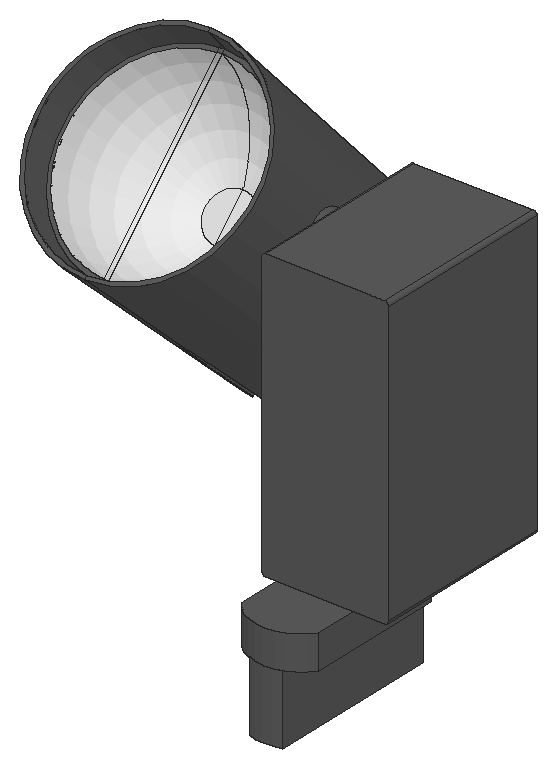
Revit family "0004883 Feilo Sylvania Lighting Fixture START TRACK SPOT S 14W 3K RA90 NB BLACK", category Lighting Fixtures, host Face, Revit 2017 (continued)
Definition of nested family "Start Track Spot Head"
  Types (96, lengths in mm): name | Wattage | built-in parameter 1150134 | Photometric Web File | Model | built-in parameter 1150105 | Lumens | built-in parameter 1150107 | built-in parameter 1150106 | HeadThickness_FEILO | HeadRibOffset_FEILO | HeadRibDepth_FEILO | HeadRibCutWidth_FEILO | HeadRibCutOffset_FEILO | HeadReflectorRadius_FEILO | HeadReflectorOffset_FEILO | HeadLEDRadius_FEILO | HeadHeight_FEILO | HeadDiffusorOffset_FEILO | HeadDiaOut_FEILO | HeadDiaIn_FEILO | HeadAxisFromTop_FEILO | Emit from Circle Diameter | built-in parameter 1150104 | Description | Apparent Load
    0004812 START TRACK SPOT S 14W 3K RA80 MB WHITE | 14 W | (empty or 0) | "0004812.ies" | "START TRACK SPOT S 14W 3K RA80 MB WHITE" | 120.32 (stored number, unit not read) | 1512 lm | 3000 (stored number, unit not read) | 1.2032 (stored number, unit not read) | 1.5 | 4.179 | 55.714 | 7.167 | 50.87 | 50.588 | 55.714 | 9.556 | 117 | 9.435 | 86 | 77.477 | 69.354 | 77.477 | 10.034 (stored number, unit not read) | "Integrated LED spotlight, Textured White - RAL9016, compact and minimalist design, ideal for retail applications, die-cast aluminium body, passive cooling heatsink. Beam angle: 36°, color temperature: 3000K , total system power: 14W, total fixture output: 1508 lm, LOR: 100%, colour rendering: Ra: 80 typical, LED Chromaticity: 3 step MacAdam ellipse, lifetime: >50000 hours at L70B50, energy class: A++, A+, A, IR/UV free light source without heat radiation, operating voltage: 220-240V / 50-60Hz, drive current: 350mA, electronic driver, non-dimmable, power factor: 0.92, electrical protection: Class II, Global Track 3 Phase adapter suitable for Global trac 3-circuit tracks, ingress protection rating: IP20, suitable for internal environment only, horizontal rotation: 355°, vertical tilt: 90°, dimensions: Ø86x140x200, weight: 0.940kg." | 14 VA
    0004811 START TRACK SPOT S 14W 3K RA80 NB WHITE | 14 W | (empty or 0) | "0004811.ies" | "START TRACK SPOT S 14W 3K RA80 NB WHITE" | 123.66 (stored number, unit not read) | 1554 lm | 3000 (stored number, unit not read) | 1.2366 (stored number, unit not read) | 1.5 | 4.179 | 55.714 | 7.167 | 50.87 | 50.588 | 55.714 | 9.556 | 117 | 9.435 | 86 | 77.477 | 69.354 | 77.477 | 10.312 (stored number, unit not read) | "Integrated LED spotlight, Textured White - RAL9016, compact and minimalist design, ideal for retail applications, die-cast aluminium body, passive cooling heatsink. Beam angle: 12°, color temperature: 3000K , total system power: 14W, total fixture output: 1551 lm, LOR: 100%, colour rendering: Ra: 80 typical, LED Chromaticity: 3 step MacAdam ellipse, lifetime: >50000 hours at L70B50, energy class: A++, A+, A, IR/UV free light source without heat radiation, operating voltage: 220-240V / 50-60Hz, drive current: 350mA, electronic driver, non-dimmable, power factor: 0.92, electrical protection: Class II, Global Track 3 Phase adapter suitable for Global trac 3-circuit tracks, ingress protection rating: IP20, suitable for internal environment only, horizontal rotation: 355°, vertical tilt: 90°, dimensions: Ø86x140x200, weight: 0.940kg." | 14 VA
  Reference planes
    plane 1 "Center (Front/Back)": y = 0
    plane 2: z = 0
    plane 3 "Center (Left/Right)": x = 0
    plane 4: x = 43
    plane 5: x = -43
    plane 6: x = -38.739
    plane 7: x = 38.739
    plane 8: z = 69.354
    plane 9: z = -47.646
    plane 10: x = -41.5
    plane 11: x = -37.239
    plane 12: z = -38.211
    plane 13: z = -35.211
    plane 14: z = 8.068
    plane 15: x = -9.556
    plane 16: x = -28.667
    plane 17: x = -19.111
    plane 18: x = -27.167
    plane 19: x = -17.611
    plane 20: x = -8.056
    plane 21: z = 13.64
    plane 22: x = -29.667
    plane 23: x = -26.167
    plane 24: x = -20.111
    plane 25: x = -16.611
    plane 26: x = -10.556
    plane 27: x = -7.056
    plane 28: x = -36.239
    plane 29: x = -40.5
    plane 30: z = 65.175
    plane 31: z = 60.997
    plane 32: z = 56.818
    plane 33: z = 18.484
    plane 34: y = -43
    plane 35: y = 43
    plane 36: y = 3.583
    plane 37: y = -3.583
    plane 38: y = -2.583
    plane 39: y = 2.583
    plane 40: y = 46
    plane 41: z = 13.5
    plane 42: z = -13.5
    plane 43: y = 39
    plane 44: x = 4.708
    plane 45: x = -2.458
    plane 46: x = -1.458
    plane 47: x = 1.458
  Forms (mm)
    Extrusion 1, solid
      sketch origin (4.2, 0, 0) x (1, 0, 0) y (0, 1, 0)
        loop
          line (-1219.2, 1219.2) -> (-1219.2, -1219.2) -> (1219.2, -1219.2) -> (1219.2, 1219.2) -> (-1219.2, 1219.2)
      from 0 to -68.017
    Revolve 2, solid, material <- "Material_1_FEILO", detail levels medium+fine
      sketch origin (0, 0, 0) x (1, 0, 0) y (0, 0, 1)
        loop
          line (-43, -47.646) -> (-41.5, -47.646) -> (-40.5, -35.211) -> (-38.739, -35.211)
          arc (-38.739, -35.211) -> (-30.16, -9.517) -> (-9.556, 8.068) r 50.588
          line (-9.556, 8.068) -> (0, 8.068) -> (0, 13.64) -> (-16.611, 13.64) -> (-17.611, 60.997) -> (-19.111, 60.997) -> (-20.111, 13.64) -> (-36.239, 13.64) -> (-37.239, 69.354) -> (-38.739, 69.354) -> (-43, -47.646)
        axis (0, 69.354) -> (0, -47.646)
      angle from 360 to 0
    Extrusion 3, void
      sketch origin (0, 0, 0) x (0, 1, 0) y (0, 0, 1)
        loop
          line (-3.583, 69.354) -> (-2.583, 18.484) -> (1.932, 18.484) -> (2.932, 69.354) -> (-3.583, 69.354)
      from 43 to -43
    Revolve 4, solid, material <- "Material_2_FEILO", detail levels medium+fine
      sketch origin (0, 0, 0) x (1, 0, 0) y (0, 0, 1)
        loop
          line (-41.5, -38.211) -> (0, -38.211) -> (0, -35.211) -> (-41.5, -35.211) -> (-41.5, -38.211)
        axis (0, -35.211) -> (0, -38.211)
      angle from 360 to 0
    Revolve 5, solid, material <- "Material_1_FEILO"
      sketch origin (0, 0, 0) x (0, 1, 0) y (0, 0, 1)
        loop
          line (46, 0) -> (39, 0) -> (39, -13.5) -> (46, -13.5) -> (46, 0)
        axis (39, 0) -> (46, 0)
      angle from 360 to 0
    Revolve 6, solid, material <- "Material_1_FEILO", detail levels medium+fine
      sketch origin (0, 0, 0) x (1, 0, 0) y (0, 0, 1)
        loop
          line (-29.667, 13.64) -> (-26.167, 13.64) -> (-27.167, 65.175) -> (-28.667, 65.175) -> (-29.667, 13.64)
        loop
          line (-10.556, 13.64) -> (-7.056, 13.64) -> (-7.833, 56.818) -> (-9.778, 56.818) -> (-10.556, 13.64)
        axis (0, 65.175) -> (0, 13.64)
      angle from 360 to 0
    Extrusion 7, void
      sketch origin (0, 0, 0) x (1, 0, 0) y (0, 0, 1)
        loop
          line (4.708, 69.354) -> (-2.458, 69.354) -> (-1.458, 13.64) -> (1.458, 13.64) -> (4.708, 69.354)
      from -43 to 43
    Revolve 8, solid, material <- "Material_1_FEILO", detail levels coarse
      sketch origin (0, 0, 0) x (1, 0, 0) y (0, 0, 1)
        loop
          line (0, 69.354) -> (-38.739, 69.354) -> (-43, -47.646) -> (-41.5, -47.646) -> (-40.731, -38.211) -> (0, -38.211) -> (0, 69.354)
        axis (0, 69.354) -> (0, -47.646)
      angle from 360 to 0
  Cuts and joins
    Extrusion 3 cuts Revolve 2
    Extrusion 7 cuts Revolve 6
  Dimensions and locks
    equal spacing: plane 7, plane 3 "Center (Left/Right)", plane 6
    equal spacing: plane 4, plane 3 "Center (Left/Right)", plane 5
    "HeadDiaOut_FEILO": plane 4 to plane 5
    "HeadDiaIn_FEILO": plane 7 to plane 6
    "HeadHeight_FEILO": plane 8 to plane 9
    "HeadThickness_FEILO": plane 10 to plane 5
    "HeadThickness_FEILO": plane 11 to plane 6
    "HeadDiffusorOffset_FEILO": plane 12 to plane 9
    "HeadDiffusorThickness_FEILO": plane 13 to plane 12
    "HeadReflectorOffset_FEILO": plane 14 to plane 9
    "HeadLEDRadius_FEILO": plane 3 "Center (Left/Right)" to plane 15
    "HeadLEDRadius_FEILO": plane 15 to plane 17
    "HeadLEDRadius_FEILO": plane 17 to plane 16
    "HeadThickness_FEILO": plane 18 to plane 16
    "HeadThickness_FEILO": plane 19 to plane 17
    "HeadThickness_FEILO": plane 20 to plane 15
    "HeadRibDepth_FEILO": plane 8 to plane 21
    "HeadDraft_FEILO": plane 16 to plane 22
    "HeadDraft_FEILO": plane 23 to plane 18
    "HeadDraft_FEILO": plane 17 to plane 24
    "HeadDraft_FEILO": plane 25 to plane 19
    "HeadDraft_FEILO": plane 15 to plane 26
    "HeadDraft_FEILO": plane 27 to plane 20
    "HeadDraft_FEILO": plane 29 to plane 10
    "HeadDraft_FEILO": plane 28 to plane 11
    "HeadRibOffset_FEILO": plane 8 to plane 30
    "HeadRibOffset_FEILO": plane 30 to plane 31
    "HeadRibOffset_FEILO": plane 31 to plane 32
    "HeadAxisFromTop_FEILO": plane 8 to plane 2
    "HeadRibCutOffset_FEILO": plane 8 to plane 33
    equal spacing: plane 34, plane 1 "Center (Front/Back)", plane 35
    "HeadDiaOut_FEILO": plane 34 to plane 35
    equal spacing: plane 38, plane 1 "Center (Front/Back)", plane 39
    equal spacing: plane 37, plane 1 "Center (Front/Back)", plane 36
    "HeadRibCutWidth_FEILO": plane 37 to plane 36
    "HeadDraft_FEILO": plane 37 to plane 38
    locked: plane 35 to plane 40 at 3
    equal spacing: plane 41, plane 2, plane 42
    locked: plane 42 to plane 41 at 27
    locked: plane 43 to plane 35 at 4
    equal spacing: plane 45, imposter light, plane 44
    "HeadDraft_FEILO": plane 46 to plane 45
    "HeadRibCutWidth_FEILO": plane 44 to plane 45
    equal spacing: plane 47, plane 3 "Center (Left/Right)", plane 46
    "HeadReflectorRadius_FEILO": radius of Revolve 2 sketch curve
    aligned and locked: plane 2 to Extrusion 1
    aligned and locked: level to Extrusion 1
    aligned and locked: Revolve 2 sketch curve to plane 3 "Center (Left/Right)"  (x2)
    aligned and locked: plane 9 to Revolve 2 sketch curve  (x2)
    aligned and locked: plane 5 to Revolve 2 sketch curve
    aligned and locked: plane 10 to Revolve 2 sketch curve
    aligned and locked: plane 14 to Revolve 2 sketch curve
    aligned and locked: plane 8 to Revolve 2 sketch curve
    aligned and locked: Revolve 2 sketch curve to plane 13
    aligned and locked: plane 12 to Revolve 4 sketch curve
    aligned and locked: plane 3 "Center (Left/Right)" to Revolve 4 sketch curve
    aligned and locked: Revolve 4 sketch curve to plane 10
    aligned and locked: Revolve 4 sketch curve to plane 3 "Center (Left/Right)"
    aligned and locked: plane 12 to imposter light
    aligned and locked: imposter light to plane 1 "Center (Front/Back)"
    aligned and locked: Revolve 5 sketch curve to plane 2
    aligned and locked: plane 43 to Revolve 5 sketch curve
    aligned and locked: plane 42 to Revolve 5 sketch curve
    aligned and locked: Revolve 6 sketch curve to plane 3 "Center (Left/Right)"
    aligned and locked: plane 22 to Revolve 6 sketch curve
    aligned and locked: plane 30 to Revolve 6 sketch curve
    aligned and locked: plane 23 to Revolve 6 sketch curve
    aligned and locked: Revolve 6 sketch curve to plane 21  (x2)
    aligned and locked: plane 21 to Revolve 6 sketch curve
    aligned and locked: plane 17 to Revolve 2 sketch curve
    aligned and locked: plane 19 to Revolve 2 sketch curve
    aligned and locked: plane 31 to Revolve 2 sketch curve
    aligned and locked: plane 21 to Revolve 2 sketch curve
    aligned and locked: Extrusion 3 to plane 8
    aligned and locked: plane 33 to Extrusion 3
    aligned and locked: plane 8 to Extrusion 3 sketch curve
    aligned and locked: Extrusion 3 sketch curve to plane 33
    aligned and locked: Extrusion 3 to plane 5
    aligned and locked: plane 4 to Extrusion 3
    aligned and locked: plane 32 to Revolve 6 sketch curve
    aligned and locked: plane 44 to Extrusion 7 sketch curve
    aligned and locked: Extrusion 7 sketch curve to plane 8
    aligned and locked: plane 46 to Extrusion 7 sketch curve
    aligned and locked: plane 21 to Extrusion 7 sketch curve
    aligned and locked: plane 34 to Extrusion 7
    aligned and locked: Extrusion 7 to plane 35
    aligned and locked: Revolve 4 sketch curve to plane 13
    aligned and locked: Revolve 5 sketch curve to plane 40
    aligned and locked: Revolve 8 sketch curve to plane 3 "Center (Left/Right)"
    aligned and locked: Revolve 8 sketch curve to cut or joined group of Revolve 2, Extrusion 3  (x3)
    aligned and locked: plane 5 to Revolve 8 sketch curve
    aligned and locked: plane 3 "Center (Left/Right)" to Revolve 8 sketch curve
    aligned and locked: plane 12 to Revolve 8 sketch curve
  Automatic sketch dimensions
    Extrusion 1 sketch curve to Extrusion 1 sketch curve = 2438.4 mm  (x2)
    Extrusion 3 sketch curve to plane 37 = 0 mm
    Extrusion 3 sketch curve to plane 38 = 0 mm
    plane 39 to Extrusion 3 sketch curve = 0.651 mm
    Extrusion 3 sketch curve to plane 39 = 0.349 mm
    Revolve 6 sketch curve to plane 16 = 0 mm
    Revolve 6 sketch curve to plane 18 = 0 mm
    Revolve 6 sketch curve to plane 26 = 0 mm
    Revolve 6 sketch curve to plane 27 = 0 mm
    Revolve 6 sketch curve to plane 15 = 0.222 mm
    plane 9 to Revolve 6 sketch curve = 559.103 mm
    Revolve 6 sketch curve to plane 8 = 2535.555 mm
    plane 20 to Revolve 6 sketch curve = 0.222 mm
    Revolve 2 sketch curve to plane 29 = 0 mm
    Revolve 2 sketch curve to plane 6 = 0 mm  (x2)
    Revolve 2 sketch curve to plane 11 = 0 mm
    Revolve 2 sketch curve to plane 21 = 0 mm
    Revolve 2 sketch curve to plane 28 = 0 mm
    Revolve 2 sketch curve to plane 24 = 0 mm
    Revolve 2 sketch curve to plane 25 = 0 mm
    Revolve 2 sketch curve to plane 15 = 0 mm
    Revolve 2 sketch curve to Revolve 2 sketch curve = 557.155 mm
    Revolve 2 sketch curve to plane 8 = 2535.558 mm
    Extrusion 7 sketch curve to plane 45 = 0 mm
    Extrusion 7 sketch curve to plane 47 = 0 mm
    plane 9 to Revolve 4 sketch curve = 559.103 mm
    Revolve 4 sketch curve to plane 8 = 2535.555 mm
    Revolve 5 sketch curve to level = 0 mm
    plane 34 to Revolve 5 sketch curve = 1968.092 mm
    Revolve 5 sketch curve to plane 40 = 1405.763 mm
    Revolve 8 sketch curve to plane 6 = 0 mm
    Revolve 8 sketch curve to plane 29 = 0.231 mm
    plane 9 to Revolve 8 sketch curve = 559.103 mm
    Revolve 8 sketch curve to Revolve 8 sketch curve = 2535.555 mm
Definition of nested family "Start Track Spot Box"
  Parameters (values of type "Type Large White")
    URL = "http://www.feilosylvania.com"
    Type Image = (empty or 0)
    Type Comments = "n/a"
    Small_FEILO = no
    Material_3_FEILO = none
    Model = ""
    Manufacturer = "Feilo Sylvania"
    Keynote = ""
    Material_2_FEILO = none
    Description = ""
    Default Elevation = 1219.2 mm
    Cost = 0
    Material_1_FEILO = none
    BoxWidth_FEILO = 49 mm
    BoxStartAngle_FEILO [instance] = 0.00°
    BoxRadius_FEILO = 1.5 mm
    BoxHeight_FEILO = if(Small_FEILO, 112 mm, 136 mm)  # 136 mm
    BoxEndAngle_FEILO [instance] = BoxStartAngle_FEILO - 180.00°  # -180.00°
    BoxDepth_FEILO = if(Small_FEILO, 71.5 mm, 79 mm)  # 79 mm
    BoxAxisVerticalOffset_FEILO = 16 mm
    BoxAxisOffset_FEILO = BoxHeight_FEILO / 6.8  # 20 mm
    Assembly Code = ""
    Material_4_FEILO = none
  Types (4, lengths in mm): name | Small_FEILO | BoxHeight_FEILO | BoxDepth_FEILO | BoxAxisOffset_FEILO
    Type Large White | no | 136 | 79 | 20
    Type Small White | yes | 112 | 71.5 | 16.471
    Type Small Black | yes | 112 | 71.5 | 16.471
    Type Large Black | no | 136 | 79 | 20
  Reference planes
    plane 1 "Center (Front/Back)": y = 0
    plane 2: z = 0
    plane 3 "Center (Left/Right)": x = 0
    plane 4: x = 24.5
    plane 5: x = -24.5
    plane 6: y = 68
    plane 7: y = -68
    plane 8: z = 39.5
    plane 9: z = -39.5
    plane 10: y = -48
    plane 11: x = 30.5
    plane 12: x = 8.5
    plane 13: x = 21.5
    plane 14: y = 70
    plane 15: y = 72
    plane 16: x = 19.5
  Forms (mm)
    Extrusion 1, solid
      sketch origin (4.2, 0, 0) x (1, 0, 0) y (0, 1, 0)
        loop
          line (-1219.2, 1219.2) -> (-1219.2, -1219.2) -> (1219.2, -1219.2) -> (1219.2, 1219.2) -> (-1219.2, 1219.2)
      from 0 to -68.017
    Extrusion 2, solid, material <- "Material_1_FEILO"
      sketch origin (0, 0, 0) x (1, 0, 0) y (0, 1, 0)
        loop
          arc (-23, 68) -> (-24.061, 67.561) -> (-24.5, 66.5) r 1.5
          line (-24.5, 66.5) -> (-24.5, -66.5)
          arc (-24.5, -66.5) -> (-24.061, -67.561) -> (-23, -68) r 1.5
          line (-23, -68) -> (23, -68)
          arc (23, -68) -> (24.061, -67.561) -> (24.5, -66.5) r 1.5
          line (24.5, -66.5) -> (24.5, 66.5)
          arc (24.5, 66.5) -> (24.061, 67.561) -> (23, 68) r 1.5
          line (23, 68) -> (-23, 68)
      from -39.5 to 39.5
    Revolve 3, solid, not visible
      sketch origin (0, 0, 0) x (1, 0, 0) y (0, 1, 0)
        loop
          line (30.5, -48) -> (24.5, -48) -> (24.5, -68) -> (30.5, -68) -> (30.5, -48)
        axis (30.5, -48) -> (24.5, -48)
      angle from 0 <- "BoxStartAngle_FEILO" to -180 <- "BoxEndAngle_FEILO"
    Revolve 4, solid, material <- "Material_2_FEILO"
      sketch origin (0, 0, 0) x (1, 0, 0) y (0, 1, 0)
        loop
          line (8.5, 68) -> (19.5, 68) -> (19.5, 70) -> (21.5, 70) -> (21.5, 72) -> (8.5, 72) -> (8.5, 68)
        axis (8.5, 72) -> (8.5, 68)
      angle from 360 to 0
  Dimensions and locks
    equal spacing: plane 5, plane 3 "Center (Left/Right)", plane 4
    "BoxWidth_FEILO": plane 5 to plane 4
    equal spacing: plane 7, plane 1 "Center (Front/Back)", plane 6
    "BoxHeight_FEILO": plane 7 to plane 6
    equal spacing: plane 8, plane 2, plane 9
    "BoxDepth_FEILO": plane 8 to plane 9
    "BoxAxisOffset_FEILO": plane 7 to plane 10
    locked: plane 4 to plane 11 at 6
    "BoxAxisVerticalOffset_FEILO": plane 12 to plane 4
    locked: plane 12 to plane 13 at 13
    plane 6 to plane 14 to plane 15 = 2 mm locked, 2 mm locked
    locked: plane 12 to plane 16 at 11
    "BoxRadius_FEILO": radius of Extrusion 2 sketch curve  (x4)
    aligned and locked: plane 2 to Extrusion 1
    aligned and locked: level to Extrusion 1
    aligned and locked: plane 6 to Extrusion 2 sketch curve
    aligned and locked: plane 5 to Extrusion 2 sketch curve
    aligned and locked: Extrusion 2 sketch curve to plane 7
    aligned and locked: Extrusion 2 sketch curve to plane 4
    aligned and locked: Extrusion 2 to plane 8
    aligned and locked: plane 9 to Extrusion 2
    aligned and locked: Revolve 3 sketch curve to plane 10  (x2)
    aligned and locked: plane 11 to Revolve 3 sketch curve
    aligned and locked: Revolve 3 sketch curve to plane 4
    aligned and locked: plane 7 to Revolve 3 sketch curve
    aligned and locked: Revolve 4 sketch curve to plane 12
    aligned and locked: plane 6 to Revolve 4 sketch curve
    aligned and locked: plane 12 to Revolve 4 sketch curve
    aligned and locked: plane 15 to Revolve 4 sketch curve
    aligned and locked: Revolve 4 sketch curve to plane 13
    aligned and locked: Revolve 4 sketch curve to plane 14
    aligned and locked: Revolve 4 sketch curve to plane 16
    aligned and locked: Revolve 4 sketch curve to plane 6
  Automatic sketch dimensions
    Extrusion 1 sketch curve to Extrusion 1 sketch curve = 2438.4 mm  (x2)
    Revolve 3 sketch curve to plane 5 = 1499.5 mm
    plane 11 to Revolve 3 sketch curve = 1493.5 mm
    plane 15 to Revolve 4 sketch curve = 0 mm
    plane 7 to Revolve 4 sketch curve = 1456 mm
    Revolve 4 sketch curve to plane 15 = 1452 mm
